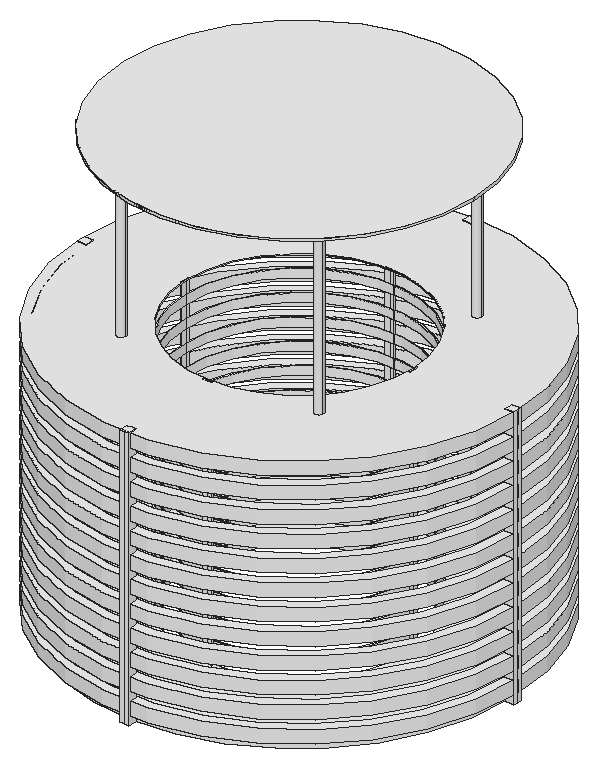
Revit family
Parameters (values of type "Cage")
  Wattage = 9.2903 W
  built-in parameter 1150110 = 1 (stored number, unit not read)
  built-in parameter 1114217 = 1 (stored number, unit not read)
  built-in parameter 1150109 = 1 (stored number, unit not read)
  built-in parameter 1150134 = 3
  built-in parameter 1150113 = 1 (stored number, unit not read)
  Material [instance] = Stainless
  built-in parameter 1150105 = 109.82 (stored number, unit not read)
  Lumens = 1380 lm
  built-in parameter 1150115 = 1 (stored number, unit not read)
  Light Source Symbol Size = 609.6 mm
  built-in parameter 1150137 = (empty or 0)
  built-in parameter 1150139 = (empty or 0)
  built-in parameter 1150112 = 1 (stored number, unit not read)
  built-in parameter 1150114 = 1 (stored number, unit not read)
  built-in parameter 1150132 = 2
  built-in parameter 1150102 = (empty or 0)
  built-in parameter 1150107 = 3200 (stored number, unit not read)
  built-in parameter 1150138 = (empty or 0)
  built-in parameter 1150106 = 1.0982 (stored number, unit not read)
  built-in parameter 1150104 = 13.8 (stored number, unit not read)
  Dimming Lamp Color Temperature Shift = (empty or 0)
  Description = ""
  Color Filter = 16777215
  built-in parameter 1114218 = 1 (stored number, unit not read)
  built-in parameter 1150133 = 10 (stored number, unit not read)
Reference planes
  plane 1 "Light Source Axis (F/B)": y = 0
  plane 2: z = 0
  plane 3 "Light Source Axis (L/R)": x = 0
  plane 4 "Ceiling": z = 4000
  plane 5 "Light Source Elevation": z = 3750
Forms (mm)
  Extrusion 1, solid, material "Stainless" <- "Material"
    sketch origin (0, 0, 4000) x (0, 1, 0) y (-1, 0, 0)
      loop
        circle (0, 0) r 400
    from 0 to -5
  Extrusion 2, solid, material "Stainless" <- "Material"
    sketch origin (0, 0, 4000) x (0, 1, 0) y (-1, 0, 0)
      loop
        circle (226.274, 226.274) r 10
      loop
        circle (226.274, -226.274) r 10
      loop
        circle (-226.274, 226.274) r 10
      loop
        circle (-226.274, -226.274) r 10
    from 0 to -400
  Extrusion 3, solid, material "Stainless" <- "Material"
    sketch origin (0, 0, 4000) x (0, 1, 0) y (-1, 0, 0)
      loop
        circle (0, 0) r 500
      loop
        circle (0, 0) r 260
    from -400 to -1000
  Sweep 4, void
    path origin (0, 0, 4000) x (0, 1, 0) y (-1, 0, 0)
      loop
        circle (0, 0) r 500
    profile origin (0, 500, 4000) x (0, -1, 0) y (0, 0, 1)
      loop
        line (0, -430) -> (0, -450) -> (20, -450) -> (20, -430) -> (0, -430)
      loop
        line (0, -480) -> (0, -500) -> (20, -500) -> (20, -480) -> (0, -480)
      loop
        line (0, -530) -> (0, -550) -> (20, -550) -> (20, -530) -> (0, -530)
      loop
        line (0, -580) -> (0, -600) -> (20, -600) -> (20, -580) -> (0, -580)
      loop
        line (0, -630) -> (0, -650) -> (20, -650) -> (20, -630) -> (0, -630)
      loop
        line (0, -680) -> (0, -700) -> (20, -700) -> (20, -680) -> (0, -680)
      loop
        line (0, -730) -> (0, -750) -> (20, -750) -> (20, -730) -> (0, -730)
      loop
        line (0, -780) -> (0, -800) -> (20, -800) -> (20, -780) -> (0, -780)
      loop
        line (0, -830) -> (0, -850) -> (20, -850) -> (20, -830) -> (0, -830)
      loop
        line (0, -880) -> (0, -900) -> (20, -900) -> (20, -880) -> (0, -880)
      loop
        line (0, -930) -> (0, -950) -> (20, -950) -> (20, -930) -> (0, -930)
      loop
        line (0, -980) -> (0, -1000) -> (20, -1000) -> (20, -980) -> (0, -980)
  Extrusion 5, void
    sketch origin (0, 0, 4000) x (0, 1, 0) y (-1, 0, 0)
      loop
        circle (0, 0) r 480
      loop
        circle (0, 0) r 262
    from -402 to -980
  Sweep 6, void
    path origin (0, 0, 4000) x (0, 1, 0) y (-1, 0, 0)
      loop
        circle (0, 0) r 262
    profile origin (0, 262, 4000) x (0, 1, 0) y (0, 0, 1)
      loop
        line (-2, -430) -> (18, -430) -> (18, -402) -> (-2, -402) -> (-2, -430)
      loop
        line (-2, -480) -> (18, -480) -> (18, -450) -> (-2, -450) -> (-2, -480)
      loop
        line (-2, -530) -> (18, -530) -> (18, -500) -> (-2, -500) -> (-2, -530)
      loop
        line (-2, -580) -> (18, -580) -> (18, -550) -> (-2, -550) -> (-2, -580)
      loop
        line (-2, -630) -> (18, -630) -> (18, -600) -> (-2, -600) -> (-2, -630)
      loop
        line (-2, -680) -> (18, -680) -> (18, -650) -> (-2, -650) -> (-2, -680)
      loop
        line (-2, -730) -> (18, -730) -> (18, -700) -> (-2, -700) -> (-2, -730)
      loop
        line (-2, -780) -> (18, -780) -> (18, -750) -> (-2, -750) -> (-2, -780)
      loop
        line (-2, -830) -> (18, -830) -> (18, -800) -> (-2, -800) -> (-2, -830)
      loop
        line (-2, -880) -> (18, -880) -> (18, -850) -> (-2, -850) -> (-2, -880)
      loop
        line (-2, -930) -> (18, -930) -> (18, -900) -> (-2, -900) -> (-2, -930)
      loop
        line (-2, -980) -> (18, -980) -> (18, -950) -> (-2, -950) -> (-2, -980)
  Extrusion 7, solid, material "Stainless" <- "Material"
    sketch origin (0, 0, 4000) x (0, 1, 0) y (-1, 0, 0)
      loop
        line (10, 479.896) -> (10, 499.9)
        arc (10, 499.9) -> (5, 499.975) -> (0, 500) r 500
        arc (0, 500) -> (-5, 499.975) -> (-10, 499.9) r 500
        line (-10, 499.9) -> (-10, 479.896)
        arc (-10, 479.896) -> (-5, 479.974) -> (0, 480) r 480
        arc (0, 480) -> (5, 479.974) -> (10, 479.896) r 480
      loop
        line (10, 260.021) -> (10, 262.021)
        arc (10, 262.021) -> (5, 262.099) -> (0, 262.125) r 482
        arc (0, 262.125) -> (-5, 262.1) -> (-10, 262.025) r 500
        line (-10, 262.025) -> (-10, 260.021)
        arc (-10, 260.021) -> (-5, 260.099) -> (0, 260.125) r 480
        arc (0, 260.125) -> (5, 260.099) -> (10, 260.021) r 480
      loop
        line (479.896, -10) -> (499.9, -10)
        arc (499.9, -10) -> (499.975, -5) -> (500, 0) r 500
        arc (500, 0) -> (499.975, 5) -> (499.9, 10) r 500
        line (499.9, 10) -> (479.896, 10)
        arc (479.896, 10) -> (479.974, 5) -> (480, 0) r 480
        arc (480, 0) -> (479.974, -5) -> (479.896, -10) r 480
      loop
        line (-10, -479.896) -> (-10, -499.9)
        arc (-10, -499.9) -> (-5, -499.975) -> (0, -500) r 500
        arc (0, -500) -> (5, -499.975) -> (10, -499.9) r 500
        line (10, -499.9) -> (10, -479.896)
        arc (10, -479.896) -> (5, -479.974) -> (0, -480) r 480
        arc (0, -480) -> (-5, -479.974) -> (-10, -479.896) r 480
      loop
        line (-479.896, 10) -> (-499.9, 10)
        arc (-499.9, 10) -> (-499.975, 5) -> (-500, 0) r 500
        arc (-500, 0) -> (-499.975, -5) -> (-499.9, -10) r 500
        line (-499.9, -10) -> (-479.896, -10)
        arc (-479.896, -10) -> (-479.974, -5) -> (-480, 0) r 480
        arc (-480, 0) -> (-479.974, 5) -> (-479.896, 10) r 480
      loop
        line (-260.021, 10) -> (-262.021, 10)
        arc (-262.021, 10) -> (-262.099, 5) -> (-262.125, 0) r 482
        arc (-262.125, 0) -> (-262.1, -5) -> (-262.025, -10) r 500
        line (-262.025, -10) -> (-260.021, -10)
        arc (-260.021, -10) -> (-260.099, -5) -> (-260.125, 0) r 480
        arc (-260.125, 0) -> (-260.099, 5) -> (-260.021, 10) r 480
      loop
        line (-10, -260.021) -> (-10, -262.021)
        arc (-10, -262.021) -> (-5, -262.099) -> (0, -262.125) r 482
        arc (0, -262.125) -> (5, -262.1) -> (10, -262.025) r 500
        line (10, -262.025) -> (10, -260.021)
        arc (10, -260.021) -> (5, -260.099) -> (0, -260.125) r 480
        arc (0, -260.125) -> (-5, -260.099) -> (-10, -260.021) r 480
      loop
        line (258.771, -10) -> (260.771, -10)
        arc (260.771, -10) -> (260.849, -5) -> (260.875, 0) r 482
        arc (260.875, 0) -> (260.85, 5) -> (260.775, 10) r 500
        line (260.775, 10) -> (258.771, 10)
        arc (258.771, 10) -> (258.849, 5) -> (258.875, 0) r 480
        arc (258.875, 0) -> (258.849, -5) -> (258.771, -10) r 480
    from -400 to -1000
Cuts and joins
  Extrusion 5 cuts Extrusion 2
  Sweep 4, Extrusion 5, Sweep 6 cuts Extrusion 3
  joined: Extrusion 1, Extrusion 2, Extrusion 3
Lines and regions (mm)
  sketch lines
    curve 1: line (-2000, 2000, 0) -> (2000, 2000, 0)
    curve 2: line (-2000, 2000, 0) -> (-2000, -2000, 0)
    curve 3: line (-2000, -2000, 0) -> (2000, -2000, 0)
    curve 4: line (2000, 2000, 0) -> (2000, -2000, 0)
Dimensions and locks
  equal spacing: curve 2, plane 3 "Light Source Axis (L/R)", curve 4
  equal spacing: curve 3, plane 1 "Light Source Axis (F/B)", curve 1
  curve 2 to curve 4 = 4000 mm
  curve 3 to curve 1 = 4000 mm
  locked: plane 4 "Ceiling" to host ceiling at 0
  locked: plane 4 "Ceiling" to plane 5 "Light Source Elevation" at 250
  aligned and locked: plane 3 "Light Source Axis (L/R)" to imposter light
  aligned and locked: plane 1 "Light Source Axis (F/B)" to imposter light
  aligned and locked: plane 5 "Light Source Elevation" to imposter light
